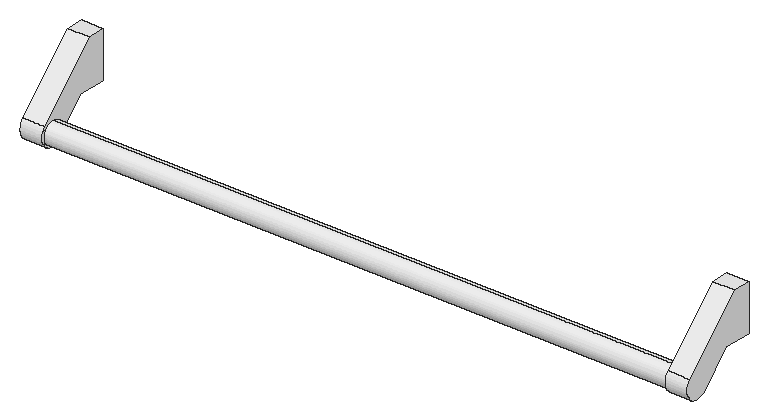
Revit family
Parameters
  Manufacturer = ""
  Material Ironmongery = Ironmongery Handle
  Handle Z Distance = 0 mm
  Handle X Offset = 65 mm
  Handle Length [instance] = 900 mm
Reference planes
  plane 1 "Center (Front/Back)": y = 0
  plane 2: z = 0
  plane 3 "Center (Left/Right)": x = 0
  plane 4: z = 0
  plane 5: x = 65
  plane 6: x = 1030
  plane 7: x = 965
  plane 8: y = -45.526
Forms (mm)
  Extrusion 1, solid, material "Ironmongery Handle" <- "Material Ironmongery"
    sketch origin (65, 0, 900) x (0, 0, -1) y (0, -1, 0)
      loop
        line (0, 0) -> (65, 0) -> (65, 38.376) -> (103.054, 76.43)
        arc (103.054, 76.43) -> (103.054, 101.681) -> (77.802, 101.681) r 17.855
        line (77.802, 101.681) -> (0, 23.879) -> (0, 0)
    from -15 to 15
  Extrusion 2, solid, material "Ironmongery Handle" <- "Material Ironmongery"
    sketch origin (935, 0, 900) x (0, 0, -1) y (0, -1, 0)
      loop
        line (0, 0) -> (65, 0) -> (65, 38.376) -> (103.054, 76.43)
        arc (103.054, 76.43) -> (103.054, 101.681) -> (77.802, 101.681) r 17.855
        line (77.802, 101.681) -> (0, 23.879) -> (0, 0)
    from -45 to -15
  Extrusion 3, solid, material "Ironmongery Handle" <- "Material Ironmongery"
    sketch origin (65, 0, 900) x (0, 0, -1) y (0, -1, 0)
      loop
        circle (90.428, 89.056) r 15
    from -885 to -15
Dimensions and locks
  "Handle Z Distance": plane 4 to level
  "Handle X Offset": plane 5 to plane 3 "Center (Left/Right)"
  "Handle X Offset": plane 7 to plane 6
  Extrusion 1 to plane 5 to Extrusion 1 = 15 mm locked, 15 mm locked
  Extrusion 2 to plane 7 to Extrusion 2 = 15 mm locked, 15 mm locked
  "Handle Length": plane 5 to plane 7
  aligned and locked: Extrusion 3 to Extrusion 2
  aligned and locked: Extrusion 3 to Extrusion 1
Automatic sketch dimensions
  Extrusion 1 sketch curve to plane 1 "Center (Front/Back)" = 0 mm
  Extrusion 1 sketch curve to plane 4 = 900 mm
  Extrusion 1 sketch curve to plane 8 = 7.149 mm
  Extrusion 1 sketch curve to plane 4 = 835 mm
  Extrusion 1 sketch curve to Extrusion 1 sketch curve = 12.802 mm
  Extrusion 1 sketch curve to Extrusion 1 sketch curve = 12.626 mm  (x3)
  plane 8 to Extrusion 1 sketch curve = 30.904 mm
  Extrusion 1 sketch curve to plane 8 = 21.647 mm
  Extrusion 2 sketch curve to plane 1 "Center (Front/Back)" = 0 mm
  Extrusion 2 sketch curve to plane 4 = 900 mm
  Extrusion 2 sketch curve to plane 8 = 7.149 mm
  Extrusion 2 sketch curve to plane 4 = 835 mm
  Extrusion 2 sketch curve to Extrusion 2 sketch curve = 12.802 mm
  Extrusion 2 sketch curve to Extrusion 2 sketch curve = 12.626 mm  (x3)
  plane 8 to Extrusion 2 sketch curve = 30.904 mm
  Extrusion 2 sketch curve to plane 8 = 21.647 mm
  plane 8 to Extrusion 3 sketch curve = 43.53 mm
  Extrusion 3 sketch curve to plane 4 = 809.572 mm
  radius of Extrusion 3 sketch curve = 15 mm
